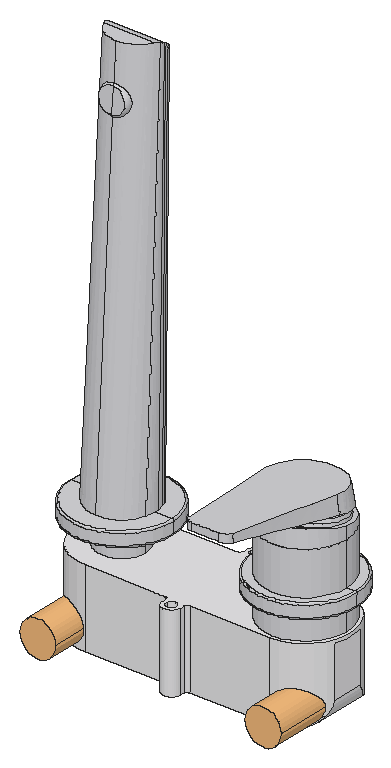
Revit family "Faucet-Wall_Mount-Lavatory-KOHLER-MODERN-K-97358T_1", category Plumbing Fixtures, host Face, Revit 2017
Family settings
  Host = Face
  Round Connector Dimension = Use Diameter
  Part Type = Normal
  OmniClass Number = 23.31.11.00
  OmniClass Title = Faucets
  Cut with Voids When Loaded = No
  Shared = No
  Room Calculation Point = No
Parameters (values of type "CP-Polished Chrome")
  Width = 6 1/4"  # constant formula
  WaterSense Certified = 1 = 0  # no
  Waste Water Outlet = "Waste Water Outlet"  # constant formula
  Waste Connection = 1 = 0  # no
  Vent Connection = 1 = 0  # no
  URL = "http://www.kohler.com.cn/en/"
  Type = 1
  Spout Reach = 8 1/4"  # constant formula
  Product Page URL = "http://www.kohler.com.cn/product/K-97358T/K-97358T-4-CP/"
  Product Name = "MODERN"  # constant formula
  Product Documentation Link = "http://files.kohler.com.cn/pdfs/ri-97358T.pdf"
  Pressure = 0.00 psi
  Model = if(Type = 1, "K-97358T-4-CP", if(Type = 2, "K-97358T-4-TT", if(Type = 3, "K-97358T-4ND-CP", if(Type = 4, "K-97358T-4ND-TT", "NA"))))  # "K-97358T-4-CP"
  Material = "Premium Metal Construction"  # constant formula
  Master Format 2014 Name = "Residential Faucets, Supplies, and Trim"  # constant formula
  Master Format 2014 = "22 41 39"  # constant formula
  Manufacturer Address = "158 Jiangchang 3rd Road Zhabei District Shanghai, 200436 China"  # constant formula
  Manufacturer = "KOHLER Co."  # constant formula
  Length = Spout Reach  # 8 1/4"
  Hot Water Inlet = "Hot Water Inlet"  # constant formula
  Height = 2 5/16"  # constant formula
  Handle Clearance = 2 3/4"  # constant formula
  HW Connection = 1 = 1  # yes
  Flow Rate = 0 GPM
  Finish = Kohler-Metal-CP-Polished_Chrome
  Environmental Product Declaration = ""
  Drain Included = if(or(Type = 1, Type = 2), 1 = 1, 1 = 0)  # yes
  Description = "Single Wall Outlet Faucet"  # constant formula
  Default Elevation = 36"
  Declare Label = ""
  Date Modified = "05/26/2020"  # constant formula
  Date Created = "05/26/2020"  # constant formula
  Copyright = "Copyright KOHLER Co."  # constant formula
  Contact Us = "http://www.kohler.com.cn/en/contact/contact-us/"
  Cold Water Inlet = "Cold Water Inlet"  # constant formula
  CW Connection = 1 = 1  # yes
  Assembly Code = "D2010"
  ADA Compliant = 1 = 0  # no
Types (5): name | Type | Product Page URL | Product Documentation Link | Model | Finish | Drain Included
  (no name) | 1 | "http://www.kohler.com.cn/product/K-97358T/K-97358T-4-CP/" | "http://files.kohler.com.cn/pdfs/ri-97358T.pdf" | "K-97358T-4-CP" | Kohler-Metal-CP-Polished_Chrome | yes
  TT-Vibrant Titanium | 2 | "http://www.kohler.com.cn/product/K-97358T/K-97358T-4-TT/" | "http://files.kohler.com.cn/pdfs/ri-97358T.pdf" | "K-97358T-4-TT" | Kohler-Metal-TT-Vibrant_Titanium | yes
  Without Drain,CP-Polished Chrome | 3 | "" | "" | "K-97358T-4ND-CP" | Kohler-Metal-CP-Polished_Chrome | no
  Without Drain,TT-Vibrant Titanium | 4 | "" | "" | "K-97358T-4ND-TT" | Kohler-Metal-TT-Vibrant_Titanium | no
  CP-Polished Chrome | 1 | "http://www.kohler.com.cn/product/K-97358T/K-97358T-4-CP/" | "http://files.kohler.com.cn/pdfs/ri-97358T.pdf" | "K-97358T-4-CP" | Kohler-Metal-CP-Polished_Chrome | yes
Reference planes (in)
  plane 1 "Center (Front/Back)": y = 0
  plane 2: z = 0
  plane 3 "Center (Left/Right)": x = 0
  plane 4: z = 8.25
  plane 5: x = -2
  plane 6: x = 2
  plane 7: y = 1.14173
  plane 8: y = -1.17077
  plane 9: x = -3.125
  plane 10: x = -0.875
  plane 11: x = 0.875
  plane 12: x = 3.125
  plane 13: y = -2.75
  plane 14: z = 9.31922
  plane 15: z = 0.31496
  plane 16: z = 2.3585
  plane 17: z = -0.53937
  plane 18: z = -2.22303
  plane 19: x = 2.43501
  plane 20: z = -1.81102
  plane 21: x = -2.45276
  plane 22: z = -2.3874
  plane 23: y = -1.7063
Forms (in)
  Extrusion 1, void
    sketch origin (0, 0, 0) x (1, 0, 0) y (0, 1, 0)
      loop
        circle (2, 0) r 1
      loop
        circle (-2, 0) r 1
    from -0.53937 to 0
  Extrusion 2, void
    sketch origin (0, 0, 0) x (1, 0, 0) y (0, 0, 1)
      loop
        line (-2.98497, -0.53937) -> (-2.98497, -2.42693) -> (3.01503, -2.42693) -> (3.01503, -0.53937) -> (-2.98497, -0.53937)
    from -1.3475 to 1.36945
  Extrusion 3, void
    sketch origin (0, 0, 0) x (1, 0, 0) y (0, 0, 1)
      loop
        circle (-2.45276, -1.81102) r 0.3937
      loop
        circle (2.44731, -1.81102) r 0.3937
    from 1.17907 to 1.7063
Dimensions and locks (in)
  "Spout Reach": level to plane 4
  "Handle Clearance": plane 13 to plane 1 "Center (Front/Back)"
  "Height": plane 7 to plane 8
  "Width": plane 9 to plane 12
  aligned and locked: plane 2 to host face
  aligned and locked: level to host face
Automatic sketch dimensions
  host sketch curve to host sketch curve = 96"  (x2)
  plane 1 "Center (Front/Back)" to Extrusion 1 sketch curve = 0"  (x2)
  Extrusion 1 sketch curve to plane 5 = 0"
  Extrusion 1 sketch curve to plane 6 = 0"
  plane 5 to Extrusion 2 sketch curve = 0.98497"
  Extrusion 2 sketch curve to plane 6 = 1.01503"
  Extrusion 2 sketch curve to level = 2.42693"
  Extrusion 2 sketch curve to level = 0.53937"
  plane 5 to Extrusion 3 sketch curve = 0.45276"
  Extrusion 3 sketch curve to plane 6 = 0.44731"
  Extrusion 3 sketch curve to level = 1.81102"  (x2)
  radius of Extrusion 1 sketch curve = 1"  (x2)
  radius of Extrusion 3 sketch curve = 0.3937"  (x2)
Nested families (in)
  nested 1: "K-97358T" at (-2, 0, 0), type "K-97358T"
Connectors (in)
  piping at (-2.45276, -1.7063, -1.81102), diameter 0.5, driven by "HW Connection", driven by "Hot Water Inlet", driven by "Flow Rate"
    settings: on nested 1, index 1, connector inside diameter 24", connector length 0", flow factor 0, pipe flow 0 GPM, pressure drop 0.00 psi, fitting loss kfactor 0, connector angle 0.00°, fixture units 0, engagement length 0", angle of deflection 0.00°, flow configuration 0, flow direction 1, fitting loss method 0, system type 19, joint type 0, gender type 0, connector reference index -1, connector utility 1, adjustable connector no, is connector primary yes, connector description "Hot Water Inlet"
  piping at (2.44731, -1.7063, -1.81102), diameter 0.5, driven by "CW Connection", driven by "Cold Water Inlet", driven by "Flow Rate"
    settings: on nested 1, index 2, connector inside diameter 24", connector length 0", flow factor 0, pipe flow 0 GPM, pressure drop 0.00 psi, fitting loss kfactor 0, connector angle 0.00°, fixture units 0, engagement length 0", angle of deflection 0.00°, flow configuration 0, flow direction 1, fitting loss method 0, system type 20, joint type 0, gender type 0, connector reference index -1, connector utility 1, adjustable connector no, is connector primary no, connector description "Cold Water Inlet"
Definition of nested family "K-97358T"
  Parameters (values of type "K-97358T")
    Valve Material = none
  Reference planes (in)
    plane 1 "Center (Front/Back)": y = 0
    plane 2: z = 0
    plane 3 "Center (Left/Right)": x = 0
    plane 4: x = -1.125
    plane 5: x = 1.125
    plane 6: x = 4
    plane 7: x = 2.875
    plane 8: x = 5.125
    plane 9: z = 8.22835
    plane 10: z = -1.81102
    plane 11: x = -0.45276
    plane 12: x = 4.43501
    plane 13: y = 1.14173
    plane 14: y = -1.14173
    plane 15: y = 1.25984
    plane 16: y = -1.7063
    plane 17: x = 2
    plane 18: y = -2.75
    plane 19: x = -0.97578
  Forms (in)
    SweptBlend 1, solid, material <- "Valve Material", detail levels medium+fine
      path origin (0, 0, -0.09843) x (0, 1, 0) y (0, 0, 1)
        loop
          line (0.39318, 0.31496) -> (0.58456, 10.81322)
      profile origin (0, 0.39318, 0.21654) x (0, -0.999834, 0.018227) y (1, 0, 0)
        loop
          line (0, 0.61393) -> (0, -0.61385)
          arc (0, -0.61385) -> (0.00798, -0.63766) -> (0.02871, -0.65184) r 0.03949
          arc (0.02871, -0.65184) -> (0.06832, -0.66352) -> (0.10768, -0.67602) r 2.01365
          arc (0.10768, -0.67602) -> (0.19207, -0.69707) -> (0.27864, -0.70561) r 0.59539
          arc (0.27864, -0.70561) -> (0.44154, -0.71142) -> (0.60151, -0.68012) r 0.71364
          arc (0.60151, -0.68012) -> (0.96137, -0.42133) -> (1.09903, 0) r 0.71364
          arc (1.09903, 0) -> (0.96137, 0.42133) -> (0.60151, 0.68012) r 0.71364
          arc (0.60151, 0.68012) -> (0.44154, 0.71142) -> (0.27864, 0.70561) r 0.71364
          arc (0.27864, 0.70561) -> (0.19207, 0.69707) -> (0.10768, 0.67602) r 0.59539
          arc (0.10768, 0.67602) -> (0.06828, 0.66351) -> (0.02864, 0.65182) r 2.01365
          arc (0.02864, 0.65182) -> (0.00796, 0.63767) -> (0, 0.61393) r 0.03939
      end profile origin (0, 0.58456, 10.71479) x (0, -0.999834, 0.018227) y (1, 0, 0)
        loop
          arc (0.0682, -0.60617) -> (0.09124, -0.60472) -> (0.11421, -0.6024) r 0.60675
          arc (0.11421, -0.6024) -> (0.1519, -0.59666) -> (0.18915, -0.58856) r 0.60675
          arc (0.18915, -0.58856) -> (0.52006, -0.37329) -> (0.64848, 0) r 0.60675
          arc (0.64848, 0) -> (0.52006, 0.37329) -> (0.18915, 0.58856) r 0.60675
          arc (0.18915, 0.58856) -> (0.17059, 0.59291) -> (0.1519, 0.59666) r 0.60675
          arc (0.1519, 0.59666) -> (0.1331, 0.59983) -> (0.11421, 0.6024) r 0.60675
          arc (0.11421, 0.6024) -> (0.09124, 0.60472) -> (0.0682, 0.60617) r 0.60675
          arc (0.0682, 0.60617) -> (0.04523, 0.59752) -> (0.03559, 0.57495) r 0.03125
          line (0.03559, 0.57495) -> (0.03559, 0) -> (0.03559, -0.57495)
          arc (0.03559, -0.57495) -> (0.04523, -0.59752) -> (0.0682, -0.60617) r 0.03125
    Revolve 2, solid, material <- "Valve Material", detail levels medium+fine
      sketch origin (0, 0, 0) x (1, 0, 0) y (0, 0, 1)
        loop
          line (0, 0.31496) -> (-1.09025, 0.31496)
          arc (-1.09025, 0.31496) -> (-1.11482, 0.30478) -> (-1.125, 0.28021) r 0.03475
          line (-1.125, 0.28021) -> (-1.125, 0.03516)
          arc (-1.125, 0.03516) -> (-1.1147, 0.0103) -> (-1.08984, 0) r 0.03516
          line (-1.08984, 0) -> (-0.94488, 0) -> (-0.94488, -0.03937) -> (-0.31231, -0.03937) -> (-0.31231, -0.19685) -> (-0.49213, -0.19685) -> (-0.51394, -0.21867) -> (-0.51394, -0.25433) -> (-0.48358, -0.27559) -> (-0.52408, -0.27559) -> (-0.52408, -0.53937) -> (0, -0.53937) -> (0, 0.31496)
        axis (0, -0.53937) -> (0, 0.31496)
      angle from 0 to 360
    Revolve 3, solid, material <- "Valve Material", detail levels medium+fine
      sketch origin (0, 0, 0) x (1, 0, 0) y (0, 0, 1)
        loop
          arc (4, 1.85893) -> (3.78638, 1.85354) -> (3.57331, 1.83726) r 4.18399
          arc (3.57331, 1.83726) -> (3.39839, 1.81096) -> (3.22674, 1.76823) r 1.86659
          arc (3.22674, 1.76823) -> (3.19289, 1.75404) -> (3.16276, 1.73308) r 0.17427
          arc (3.16276, 1.73308) -> (3.13089, 1.69288) -> (3.11592, 1.64381) r 0.13794
          arc (3.11592, 1.64381) -> (3.09988, 1.44843) -> (3.09452, 1.25246) r 3.5902
          line (3.09452, 1.25246) -> (3.09452, 0.31496) -> (2.90633, 0.31496)
          arc (2.90633, 0.31496) -> (2.88418, 0.30578) -> (2.875, 0.28363) r 0.03133
          line (2.875, 0.28363) -> (2.875, 0.03381)
          arc (2.875, 0.03381) -> (2.8849, 0.0099) -> (2.90881, 0) r 0.03381
          line (2.90881, 0) -> (3.09464, 0) -> (3.09464, -0.53937) -> (4, -0.53937) -> (4, 1.85893)
        axis (4, -0.53937) -> (4, 1.85893)
      angle from 0 to 360
    Extrusion 4, void
      sketch origin (0, 0, 0) x (0, 1, 0) y (0, 0, 1)
        loop
          line (1.21089, 1.31126) -> (1.28243, 1.71699) -> (-0.84864, 2.09275) -> (-0.92018, 1.68703) -> (1.21089, 1.31126)
      from 0 to 12
    Blend 5, solid, material <- "Valve Material", detail levels medium+fine
      base sketch origin (0, 0, 0) x (1, 0, 0) y (0, 1, 0)
        loop
          arc (4.30364, -2.75379) -> (4.43502, -2.70439) -> (4.50131, -2.58067) r 0.19944
          line (4.50131, -2.58067) -> (4.83397, -0.08241)
          arc (4.83397, -0.08241) -> (4, 0.86997) -> (3.16603, -0.08241) r 0.84133
          line (3.16603, -0.08241) -> (3.49902, -2.5832)
          arc (3.49902, -2.5832) -> (3.56439, -2.70516) -> (3.69391, -2.75385) r 0.19659
          line (3.69391, -2.75385) -> (4.30364, -2.75379)
      top sketch origin (0, 0, 0) x (1, 0, 0) y (0, 1, 0)
        loop
          line (3.70457, -2.70033) -> (4.29092, -2.70033)
          arc (4.29092, -2.70033) -> (4.40646, -2.6555) -> (4.46153, -2.54447) r 0.17131
          line (4.46153, -2.54447) -> (4.68298, -0.09856)
          arc (4.68298, -0.09856) -> (4, 0.64905) -> (3.31702, -0.09856) r 0.68577
          line (3.31702, -0.09856) -> (3.53888, -2.54896)
          arc (3.53888, -2.54896) -> (3.59236, -2.65679) -> (3.70457, -2.70033) r 0.16637
      from 1.53543 to 2.78937
    Extrusion 6, void
      sketch origin (0, 0, 0) x (0, 1, 0) y (0, 0, 1)
        loop
          arc (0.81908, 2.03021) -> (0.95281, 1.81903) -> (1.02699, 1.58033) r 0.95238
          line (1.02699, 1.58033) -> (2.23255, 1.58033) -> (2.23255, 2.97712) -> (-2.82995, 2.97712) -> (-2.82995, 2.30805)
          arc (-2.82995, 2.30805) -> (-2.80796, 2.34972) -> (-2.76295, 2.36364) r 0.06155
          line (-2.76295, 2.36364) -> (0.81908, 2.03021)
      from 0 to 12
    Extrusion 7, void
      sketch origin (0, 0, 0) x (0, 1, 0) y (0, 0, 1)
        loop
          line (-2.93599, 2.23374) -> (-2.93599, 1.46391) -> (1.06401, 1.46391) -> (1.06401, 1.52844) -> (-2.93599, 2.23374)
      from 0 to 12
    Revolve 8, solid, material <- "Valve Material", detail levels medium+fine
      sketch origin (4, 0, 0) x (0, 1, 0) y (0, 0, 1)
        loop
          line (0.03271, 1.71028) -> (0, 1.52478) -> (0.79088, 1.38532) -> (0.79088, 1.44328)
          arc (0.79088, 1.44328) -> (0.78889, 1.48298) -> (0.78292, 1.52228) r 0.39569
          arc (0.78292, 1.52228) -> (0.77567, 1.55194) -> (0.76616, 1.58096) r 0.39569
          line (0.76616, 1.58096) -> (0.03271, 1.71028)
        axis (0.03271, 1.71028) -> (0, 1.52478)
      angle from 0 to 360
    Extrusion 9, void
      sketch origin (0, 0, 0) x (0, 1, 0) y (0, 0, 1)
        loop
          arc (0.20274, 9.31287) -> (0.49131, 9.1872) -> (0.6065, 8.89429) r 0.41123
          line (0.6065, 8.89429) -> (0.6065, 11.14429) -> (-0.8935, 11.14429) -> (-0.8935, 9.33261) -> (0.20274, 9.31287)
      from -2.06618 to 12
    Extrusion 10, solid, detail levels medium+fine
      sketch origin (0, 0, 0) x (1, 0, 0) y (0, 1, 0)
        loop
          line (1.72613, 0.98425) -> (-0.00072, 0.98425)
          arc (-0.00072, 0.98425) -> (-0.98497, 0) -> (-0.00072, -0.98425) r 0.98425
          line (-0.00072, -0.98425) -> (1.72613, -0.98425)
          arc (1.72613, -0.98425) -> (1.78158, -1.00722) -> (1.80455, -1.06267) r 0.07841
          line (1.80455, -1.06267) -> (1.80455, -1.14195)
          arc (1.80455, -1.14195) -> (2, -1.3374) -> (2.19546, -1.14195) r 0.19545
          line (2.19546, -1.14195) -> (2.19546, -1.06267)
          arc (2.19546, -1.06267) -> (2.21842, -1.00722) -> (2.27387, -0.98425) r 0.07841
          line (2.27387, -0.98425) -> (4.00072, -0.98425)
          arc (4.00072, -0.98425) -> (4.98497, 0) -> (4.00072, 0.98425) r 0.98425
          line (4.00072, 0.98425) -> (2.27387, 0.98425)
          arc (2.27387, 0.98425) -> (2.21842, 1.00722) -> (2.19546, 1.06267) r 0.07841
          line (2.19546, 1.06267) -> (2.19546, 1.14045)
          arc (2.19546, 1.14045) -> (2, 1.33591) -> (1.80455, 1.14045) r 0.19545
          line (1.80455, 1.14045) -> (1.80455, 1.06267)
          arc (1.80455, 1.06267) -> (1.78158, 1.00722) -> (1.72613, 0.98425) r 0.07841
        loop
          circle (2, -1.14195) r 0.11215
        loop
          circle (2, 1.14045) r 0.11873
      from -2.84874 to -0.53937
    Extrusion 11, void
      sketch origin (0, 0, 0) x (0, 1, 0) y (0, 0, 1)
        loop
          line (-2.26611, -2.31267) -> (-2.24505, -2.91593) -> (1.50724, -2.91593) -> (1.50724, -2.12514) -> (1.00724, -2.12514)
          arc (1.00724, -2.12514) -> (0.7601, -2.3178) -> (0.45324, -2.38125) r 0.68986
          line (0.45324, -2.38125) -> (-2.26611, -2.31267)
      from -1.74273 to 12
    Extrusion 12, void
      sketch origin (0, 0, 0) x (1, 0, 0) y (0, 0, 1)
        loop
          arc (4.92175, -1.72303) -> (4.77531, -2.07658) -> (4.42175, -2.22303) r 0.5
          line (4.42175, -2.22303) -> (-0.42175, -2.22303)
          arc (-0.42175, -2.22303) -> (-0.77531, -2.07658) -> (-0.92175, -1.72303) r 0.5
          line (-0.92175, -1.72303) -> (-0.92175, -0.65748) -> (-2.76575, -0.65748) -> (-2.76575, -3.35416) -> (5.73425, -3.35416) -> (5.73425, -0.60416) -> (4.92175, -0.60416) -> (4.92175, -1.72303)
      from -2.81824 to 12
    Extrusion 13, solid
      sketch origin (0, 0, 0) x (1, 0, 0) y (0, 0, 1)
        loop
          circle (-0.45276, -1.81102) r 0.3937
        loop
          circle (4.44731, -1.81102) r 0.3937
      from 0 to 1.7063
    Extrusion 14, solid, detail levels medium+fine
      sketch origin (-4, 0, 0) x (0, 1, 0) y (0, 0, 1)
        loop
          line (1.25984, -2.3874) -> (1.25984, -1.68556)
          arc (1.25984, -1.68556) -> (1.23478, -1.62506) -> (1.17428, -1.6) r 0.08556
          line (1.17428, -1.6) -> (-0.50054, -1.6) -> (-0.50054, -2.3874) -> (1.25984, -2.3874)
      from 3.52756 to 3.92126
    Extrusion 15, solid, detail levels medium+fine
      sketch origin (0, 0, 0) x (0, 1, 0) y (0, 0, 1)
        loop
          line (1.25984, -2.3874) -> (1.25984, -1.68556)
          arc (1.25984, -1.68556) -> (1.23478, -1.62506) -> (1.17428, -1.6) r 0.08556
          line (1.17428, -1.6) -> (-0.50054, -1.6) -> (-0.50054, -2.3874) -> (1.25984, -2.3874)
      from 3.52756 to 3.92126
    Revolve 16, solid, material <- "Valve Material", detail levels medium+fine
      sketch origin (0, 0, 0) x (0, 1, 0) y (0, 0, 1)
        loop
          arc (-0.28793, 7.92912) -> (-0.22637, 7.88913) -> (-0.15365, 7.87923) r 0.16787
          line (-0.15365, 7.87923) -> (-0.12997, 8.19859) -> (-0.2672, 8.20876) -> (-0.28793, 7.92912)
        axis (-0.2672, 8.20876) -> (-0.12997, 8.19859)
      angle from 0 to 360
    Extrusion 17, solid, detail levels coarse
      sketch origin (0, 0, 0) x (1, 0, 0) y (0, 1, 0)
        loop
          line (-0.97578, 1.14173) -> (-0.97578, -1.14173) -> (4.97578, -1.14173) -> (4.97578, 1.14173) -> (-0.97578, 1.14173)
      from -2.3874 to -0.53937
    Extrusion 18, solid, material <- "Valve Material", detail levels coarse
      sketch origin (0, 0, 0) x (1, 0, 0) y (0, 1, 0)
        loop
          circle (4, 0) r 1.12543
        loop
          circle (0, 0) r 1.125
      from 0 to 0.31496
    Extrusion 19, solid, material <- "Valve Material", detail levels coarse
      sketch origin (0, 0, 0) x (1, 0, 0) y (0, 0, 1)
        loop
          arc (0.71314, 9.30264) -> (0.00006, 9.31905) -> (-0.71314, 9.30851) r 18.8753
          line (-0.71314, 9.30851) -> (-0.71314, 0.31496) -> (0.71314, 0.31496) -> (0.71314, 9.30264)
      from -0.50311 to 0.67888
    Extrusion 20, solid, material <- "Valve Material", detail levels coarse
      sketch origin (0, 0, 0) x (1, 0, 0) y (0, 1, 0)
        loop
          circle (4, 0) r 0.98425
      from 0.31496 to 1.88841
    Extrusion 21, solid, material <- "Valve Material", detail levels coarse
      sketch origin (0, 0, 0) x (0, 1, 0) y (0, 0, 1)
        loop
          line (-2.71867, 2.35952) -> (-2.71867, 2.19543) -> (0.98425, 1.5425) -> (0.98425, 2.01484) -> (-2.71867, 2.35952)
      from 3.01544 to 4.97578
    Extrusion 22, solid, material <- "Valve Material", detail levels coarse
      sketch origin (0, 0, 0) x (1, 0, 0) y (0, 1, 0)
        loop
          circle (4, 0) r 0.90536
        loop
          circle (0, 0) r 0.52408
      from -0.53937 to 0
  Cuts and joins
    Extrusion 9 cuts SweptBlend 1
    Extrusion 4 cuts Revolve 3
    Extrusion 6, Extrusion 7 cuts Blend 5
    joined: SweptBlend 1, Revolve 2, Revolve 3, Blend 5, Revolve 8, Revolve 16
    Extrusion 11, Extrusion 12 cuts Extrusion 10
  Lines and regions (in)
    Masking region 1
      outline origin (0, 0, 0) x (0, 1, 0) y (0, 0, 1)
        loop
          line (0.90241, 0.31496) -> (0.90241, 1.36566) -> (0.78556, 1.38626)
          arc (0.78556, 1.38626) -> (0.78983, 1.485) -> (0.76616, 1.58096) r 0.34786
          line (0.76616, 1.58096) -> (0.86168, 1.56411) -> (0.78739, 2.03316) -> (0.42937, 2.06649) -> (0.52569, 9.1466)
          arc (0.52569, 9.1466) -> (0.38357, 9.26732) -> (0.20274, 9.31287) r 0.41123
          line (0.20274, 9.31287) -> (-0.14993, 9.31922) -> (-0.19923, 8.51351) -> (-0.24647, 8.4884) -> (-0.28793, 7.92912) -> (-0.23716, 7.89357) -> (-0.58178, 2.16061) -> (-2.71867, 2.35952) -> (-2.75673, 2.20214) -> (-0.69952, 1.83939)
          arc (-0.69952, 1.83939) -> (-0.76311, 1.76115) -> (-0.79088, 1.66423) r 0.25162
          line (-0.79088, 1.66423) -> (-0.87539, 1.67913)
          arc (-0.87539, 1.67913) -> (-0.88109, 1.6509) -> (-0.88539, 1.62242) r 0.58365
          arc (-0.88539, 1.62242) -> (-0.90057, 1.46113) -> (-0.90564, 1.29921) r 2.58873
          line (-0.90564, 1.29921) -> (-0.90564, 0.31496) -> (-1.09287, 0.31496)
          arc (-1.09287, 0.31496) -> (-1.11546, 0.3056) -> (-1.12482, 0.28302) r 0.03194
          line (-1.12482, 0.28302) -> (-1.12482, 0.03501)
          arc (-1.12482, 0.03501) -> (-1.11456, 0.01025) -> (-1.08981, 0) r 0.03501
          line (-1.08981, 0) -> (1.08981, 0)
          arc (1.08981, 0) -> (1.11456, 0.01025) -> (1.12482, 0.03501) r 0.03501
          line (1.12482, 0.03501) -> (1.12482, 0.28302)
          arc (1.12482, 0.28302) -> (1.11546, 0.3056) -> (1.09287, 0.31496) r 0.03194
          line (1.09287, 0.31496) -> (0.90241, 0.31496)
    Masking region 2
      outline origin (0, 0, 0) x (0, 1, 0) y (0, 0, 1)
        loop
          line (0.90536, -0.03937) -> (0.94488, -0.03937) -> (0.94488, 0) -> (-0.94488, 0) -> (-0.94488, -0.03937) -> (-0.90536, -0.03937) -> (-0.90536, -0.53937) -> (-1.3374, -0.53937) -> (-1.3374, -1.41732) -> (-1.7063, -1.41732) -> (-1.7063, -2.20472) -> (-1.40572, -2.20472) -> (-1.3374, -2.22303) -> (-0.50054, -2.22303) -> (-0.50054, -2.3874) -> (1.25984, -2.3874) -> (1.25984, -2.12514) -> (1.33591, -2.12514) -> (1.33591, -0.53937) -> (0.90536, -0.53937) -> (0.90536, -0.03937)
    Masking region 3
      outline origin (0, 0, 0) x (1, 0, 0) y (0, 0, 1)
        loop
          line (0.71314, 0.31496) -> (0.6135, 9.24533)
          spline (0.6135, 9.24533) -> (0.61347, 9.24705) -> (0.61342, 9.24876) -> (0.61335, 9.25045) -> (0.61326, 9.25211) -> (0.61314, 9.25375) -> (0.613, 9.25538) -> (0.61285, 9.25698) -> (0.61267, 9.25856) -> (0.61247, 9.26012) -> (0.61225, 9.26165) -> (0.612, 9.26317) -> (0.61174, 9.26466)
          spline (0.61174, 9.26466) -> (0.61173, 9.26782) -> (0.61156, 9.27088) -> (0.61122, 9.27384) -> (0.61073, 9.2767) -> (0.61007, 9.27945) -> (0.60925, 9.28209) -> (0.60827, 9.28462) -> (0.60712, 9.28704) -> (0.60582, 9.28935) -> (0.60437, 9.29154) -> (0.60275, 9.29361) -> (0.60098, 9.29557)
          spline (0.60098, 9.29557) -> (0.59846, 9.29818) -> (0.59578, 9.30058) -> (0.59292, 9.30278) -> (0.5899, 9.30476) -> (0.58671, 9.30653) -> (0.58336, 9.30809) -> (0.57985, 9.30943) -> (0.57618, 9.31055) -> (0.57236, 9.31146) -> (0.56839, 9.31214) -> (0.56426, 9.31261) -> (0.55999, 9.31287)
          spline (0.55999, 9.31287) -> (0.53245, 9.31379) -> (0.50024, 9.31466) -> (0.46364, 9.31547) -> (0.42298, 9.31622) -> (0.37861, 9.3169) -> (0.33091, 9.3175) -> (0.28031, 9.31801) -> (0.22726, 9.31844) -> (0.17221, 9.31878) -> (0.11565, 9.31902) -> (0.05807, 9.31917) -> (0.00001, 9.31922)
          spline (0.00001, 9.31922) -> (-0.05807, 9.31917) -> (-0.11565, 9.31902) -> (-0.17221, 9.31878) -> (-0.22726, 9.31844) -> (-0.28031, 9.31801) -> (-0.33091, 9.3175) -> (-0.37861, 9.3169) -> (-0.42298, 9.31622) -> (-0.46364, 9.31547) -> (-0.50024, 9.31466) -> (-0.53245, 9.31379) -> (-0.55999, 9.31287)
          spline (-0.55999, 9.31287) -> (-0.56426, 9.31261) -> (-0.56839, 9.31214) -> (-0.57236, 9.31146) -> (-0.57618, 9.31055) -> (-0.57985, 9.30943) -> (-0.58336, 9.30809) -> (-0.58671, 9.30653) -> (-0.5899, 9.30476) -> (-0.59292, 9.30278) -> (-0.59578, 9.30058) -> (-0.59846, 9.29818) -> (-0.60098, 9.29557)
          spline (-0.60098, 9.29557) -> (-0.60275, 9.29361) -> (-0.60437, 9.29154) -> (-0.60582, 9.28935) -> (-0.60712, 9.28704) -> (-0.60827, 9.28462) -> (-0.60925, 9.28209) -> (-0.61007, 9.27945) -> (-0.61073, 9.2767) -> (-0.61122, 9.27384) -> (-0.61156, 9.27088) -> (-0.61173, 9.26782) -> (-0.61174, 9.26466)
          spline (-0.61174, 9.26466) -> (-0.612, 9.26317) -> (-0.61225, 9.26165) -> (-0.61247, 9.26012) -> (-0.61267, 9.25856) -> (-0.61285, 9.25698) -> (-0.613, 9.25538) -> (-0.61314, 9.25375) -> (-0.61326, 9.25211) -> (-0.61335, 9.25045) -> (-0.61342, 9.24876) -> (-0.61347, 9.24705) -> (-0.6143, 9.24533)
          line (-0.6143, 9.24533) -> (-0.71314, 0.31496) -> (-1.09224, 0.31496)
          arc (-1.09224, 0.31496) -> (-1.11541, 0.30537) -> (-1.125, 0.2822) r 0.03276
          line (-1.125, 0.2822) -> (-1.125, 0.03704)
          arc (-1.125, 0.03704) -> (-1.11415, 0.01085) -> (-1.08796, 0) r 0.03704
          line (-1.08796, 0) -> (1.08796, 0)
          arc (1.08796, 0) -> (1.11415, 0.01085) -> (1.125, 0.03704) r 0.03704
          line (1.125, 0.03704) -> (1.125, 0.2822)
          arc (1.125, 0.2822) -> (1.11541, 0.30537) -> (1.09224, 0.31496) r 0.03276
          line (1.09224, 0.31496) -> (0.71314, 0.31496)
        loop
          line (4.29765, 2.35951) -> (3.69855, 2.35952)
          spline (3.69855, 2.35952) -> (3.67722, 2.35937) -> (3.65623, 2.35898) -> (3.6359, 2.35836) -> (3.61651, 2.35753) -> (3.59836, 2.35648) -> (3.5817, 2.35523) -> (3.56678, 2.35381) -> (3.55381, 2.35223) -> (3.54298, 2.35052) -> (3.53446, 2.3487) -> (3.52836, 2.3468) -> (3.52477, 2.34485)
          spline (3.52477, 2.34485) -> (3.5021, 2.32564) -> (3.47917, 2.30642) -> (3.45598, 2.28721) -> (3.43252, 2.26799) -> (3.40879, 2.24879) -> (3.3848, 2.22958) -> (3.36054, 2.21038) -> (3.33601, 2.19118) -> (3.31122, 2.17198) -> (3.28616, 2.15278) -> (3.26083, 2.13359) -> (3.23524, 2.1144)
          spline (3.23524, 2.1144) -> (3.23473, 2.11328) -> (3.23394, 2.11262) -> (3.23322, 2.11195) -> (3.23256, 2.11129) -> (3.23198, 2.11062) -> (3.23146, 2.10996) -> (3.23101, 2.10929) -> (3.23062, 2.10862) -> (3.2303, 2.10796) -> (3.23005, 2.10729) -> (3.22987, 2.10662) -> (3.22975, 2.10595)
          line (3.22975, 2.10595) -> (3.18036, 1.70644)
          spline (3.18036, 1.70644) -> (3.18069, 1.70235) -> (3.18171, 1.69826) -> (3.1834, 1.69418) -> (3.18577, 1.69011) -> (3.18881, 1.68605) -> (3.19252, 1.68201) -> (3.1969, 1.67799) -> (3.20195, 1.67399) -> (3.20765, 1.67002) -> (3.21401, 1.66608) -> (3.22102, 1.66217) -> (3.22867, 1.6583)
          arc (3.22867, 1.6583) -> (3.21698, 1.62753) -> (3.20783, 1.59592) r 0.40492
          spline (3.20783, 1.59592) -> (3.19353, 1.59094) -> (3.18024, 1.58588) -> (3.16799, 1.58074) -> (3.15679, 1.57553) -> (3.14666, 1.57025) -> (3.1376, 1.56492) -> (3.12963, 1.55953) -> (3.12275, 1.5541) -> (3.11698, 1.54862) -> (3.11232, 1.54312) -> (3.10879, 1.53759) -> (3.10637, 1.53205)
          arc (3.10637, 1.53205) -> (3.09749, 1.26979) -> (3.09452, 1.0074) r 11.62233
          line (3.09452, 1.0074) -> (3.09452, 0.31496) -> (2.90776, 0.31496)
          arc (2.90776, 0.31496) -> (2.8846, 0.30537) -> (2.875, 0.2822) r 0.03276
          line (2.875, 0.2822) -> (2.875, 0.03704)
          arc (2.875, 0.03704) -> (2.88585, 0.01085) -> (2.91204, 0) r 0.03704
          line (2.91204, 0) -> (5.08796, 0)
          arc (5.08796, 0) -> (5.11415, 0.01085) -> (5.125, 0.03704) r 0.03704
          line (5.125, 0.03704) -> (5.125, 0.2822)
          arc (5.125, 0.2822) -> (5.1154, 0.30537) -> (5.09224, 0.31496) r 0.03276
          line (5.09224, 0.31496) -> (4.90548, 0.31496) -> (4.90548, 1.0074)
          arc (4.90548, 1.0074) -> (4.90251, 1.26979) -> (4.89363, 1.53205) r 11.62233
          spline (4.89363, 1.53205) -> (4.89121, 1.53759) -> (4.88768, 1.54312) -> (4.88302, 1.54862) -> (4.87725, 1.5541) -> (4.87037, 1.55953) -> (4.8624, 1.56492) -> (4.85334, 1.57025) -> (4.84321, 1.57553) -> (4.83201, 1.58074) -> (4.81976, 1.58588) -> (4.80647, 1.59094) -> (4.79217, 1.59592)
          arc (4.79217, 1.59592) -> (4.78302, 1.62753) -> (4.77133, 1.6583) r 0.40492
          spline (4.77133, 1.6583) -> (4.77898, 1.66217) -> (4.78599, 1.66608) -> (4.79235, 1.67002) -> (4.79805, 1.67399) -> (4.8031, 1.67799) -> (4.80748, 1.68201) -> (4.81119, 1.68605) -> (4.81423, 1.69011) -> (4.8166, 1.69418) -> (4.81829, 1.69826) -> (4.81931, 1.70235) -> (4.81964, 1.70644)
          line (4.81964, 1.70644) -> (4.77059, 2.106)
          spline (4.77059, 2.106) -> (4.77013, 2.10662) -> (4.76995, 2.10729) -> (4.7697, 2.10796) -> (4.76938, 2.10862) -> (4.76899, 2.10929) -> (4.76854, 2.10996) -> (4.76802, 2.11062) -> (4.76744, 2.11129) -> (4.76678, 2.11195) -> (4.76606, 2.11262) -> (4.76527, 2.11328) -> (4.76442, 2.11395)
          spline (4.76442, 2.11395) -> (4.7392, 2.13356) -> (4.71391, 2.15273) -> (4.68889, 2.17189) -> (4.66413, 2.19106) -> (4.63964, 2.21023) -> (4.61541, 2.2294) -> (4.59145, 2.24858) -> (4.56776, 2.26776) -> (4.54433, 2.28694) -> (4.52116, 2.30613) -> (4.49826, 2.32532) -> (4.47563, 2.34451)
          spline (4.47563, 2.34451) -> (4.47195, 2.3465) -> (4.4657, 2.34845) -> (4.45697, 2.35031) -> (4.44588, 2.35206) -> (4.4326, 2.35367) -> (4.41732, 2.35513) -> (4.40026, 2.3564) -> (4.38166, 2.35748) -> (4.36181, 2.35834) -> (4.34099, 2.35897) -> (4.3195, 2.35936) -> (4.29765, 2.35951)
    Masking region 4, detail levels medium+fine
      outline origin (0, 0, 0) x (1, 0, 0) y (0, 0, 1)
        loop
          line (4.98497, -0.53937) -> (4.90536, -0.53937) -> (4.90536, 0) -> (3.09464, 0) -> (3.09464, -0.53937) -> (0.52408, -0.53937) -> (0.52408, -0.27559) -> (0.48358, -0.27559) -> (0.51394, -0.25433) -> (0.51394, -0.21867) -> (0.49213, -0.19685) -> (0.31231, -0.19685) -> (0.31231, -0.03937) -> (0.94488, -0.03937) -> (0.94488, 0) -> (-0.94488, 0) -> (-0.94488, -0.03937) -> (-0.31231, -0.03937) -> (-0.31231, -0.19685) -> (-0.49213, -0.19685) -> (-0.51394, -0.21867) -> (-0.51394, -0.25433) -> (-0.48358, -0.27559) -> (-0.52408, -0.27559) -> (-0.52408, -0.53937) -> (-0.98497, -0.53937) -> (-0.98497, -0.65748) -> (-0.92175, -0.65748) -> (-0.92175, -1.72303)
          arc (-0.92175, -1.72303) -> (-0.79279, -2.05818) -> (-0.47244, -2.22046) r 0.5
          line (-0.47244, -2.22046) -> (-0.47244, -2.3874) -> (-0.07874, -2.3874) -> (-0.07874, -2.22303) -> (3.52756, -2.22303) -> (3.52756, -2.3874) -> (3.92126, -2.3874) -> (3.92126, -2.22303) -> (4.42175, -2.22303)
          arc (4.42175, -2.22303) -> (4.77531, -2.07658) -> (4.92175, -1.72303) r 0.5
          line (4.92175, -1.72303) -> (4.92175, -0.60416) -> (4.98497, -0.60416) -> (4.98497, -0.53937)
    Masking region 5
      outline origin (0, 0, 0) x (1, 0, 0) y (0, 1, 0)
        loop
          arc (4.69623, -0.88423) -> (4, 1.12543) -> (3.30377, -0.88423) r 1.12543
          spline (3.30377, -0.88423) -> (3.32334, -1.02682) -> (3.34267, -1.16945) -> (3.36176, -1.3121) -> (3.38062, -1.45479) -> (3.39923, -1.59751) -> (3.41761, -1.74026) -> (3.43574, -1.88304) -> (3.45364, -2.02584) -> (3.4713, -2.16868) -> (3.48872, -2.31154) -> (3.50591, -2.45443) -> (3.52285, -2.59735)
          arc (3.52285, -2.59735) -> (3.58871, -2.70696) -> (3.70913, -2.75) r 0.18999
          line (3.70913, -2.75) -> (4.29087, -2.75)
          arc (4.29087, -2.75) -> (4.41129, -2.70696) -> (4.47715, -2.59735) r 0.18999
          spline (4.47715, -2.59735) -> (4.49409, -2.45443) -> (4.51128, -2.31154) -> (4.5287, -2.16868) -> (4.54636, -2.02584) -> (4.56426, -1.88304) -> (4.58239, -1.74026) -> (4.60077, -1.59751) -> (4.61938, -1.45479) -> (4.63824, -1.3121) -> (4.65733, -1.16945) -> (4.67666, -1.02682) -> (4.69623, -0.88423)
        loop
          circle (0, 0) r 1.125
    symbolic lines, detail levels medium+fine
      curve 1: line (0, 0.90241, 0.31496) -> (0, -0.90564, 0.31496)
      curve 2: line (0, 0.42937, 2.06649) -> (0, 0.39471, 0.31496)
      curve 3: line (0, -0.58178, 2.16061) -> (0, -0.70089, 0.31496)
      curve 4: line (0, -0.70074, 1.83961) -> (0, -0.6036, 1.82248)
      curve 5: line (0, -0.79088, 1.66423) -> (0, -0.6158, 1.63336)
      curve 6: line (0, 0.78556, 1.38626) -> (0, 0.4172, 1.45121)
      curve 7: line (0, 0.76616, 1.58096) -> (0, 0.42097, 1.64182)
      curve 8: line (0, -0.49213, -0.19685) -> (0, 0.49213, -0.19685)
      curve 9: line (0, 0.51394, -0.21867) -> (0, 0.51394, -0.25433)
      curve 10: line (0, 0.51394, -0.25433) -> (0, 0.48358, -0.27559)
      curve 11: line (0, 0.48358, -0.27559) -> (0, 0.52408, -0.27559)
      curve 12: line (0, 0.52408, -0.27559) -> (0, 0.52408, -0.53937)
      curve 13: line (0, 0.31231, -0.03937) -> (0, 0.31231, -0.19685)
      curve 14: line (0, -0.90536, -0.03937) -> (0, 0.90536, -0.03937)
      curve 15: line (0, 0.51394, -0.21867) -> (0, 0.49213, -0.19685)
      curve 16: line (0, -0.51394, -0.21867) -> (0, -0.51394, -0.25433)
      curve 17: line (0, -0.51394, -0.25433) -> (0, -0.48358, -0.27559)
      curve 18: line (0, -0.48358, -0.27559) -> (0, -0.52408, -0.27559)
      curve 19: line (0, -0.52408, -0.27559) -> (0, -0.52408, -0.53937)
      curve 20: line (0, -0.51394, -0.21867) -> (0, -0.49213, -0.19685)
      curve 21: line (0, -0.31231, -0.03937) -> (0, -0.31231, -0.19685)
      curve 22: line (0, 0.90536, -0.53937) -> (0, -0.90564, -0.53937)
      curve 23: line (0, 0.48358, -0.27559) -> (0, -0.48358, -0.27559)
      curve 24: line (0, 0.51394, -0.21867) -> (0, -0.51394, -0.21867)
      curve 25: line (0, 0.51394, -0.25433) -> (0, -0.51394, -0.25433)
      curve 26: line (0, -1.40572, -2.20472) -> (0, 0.48357, -2.20472)
      curve 27: line (0, 1.25984, -1.81102) -> (0, 1.25984, -2.12514)
      curve 28: line (0, 1.25984, -1.81102) -> (0, 1.25984, -0.53937)
      curve 29: line (0, 1.33591, -1.81102) -> (0, 1.12617, -1.81102)
      curve 30: arc (0, 0.48357, -2.20472) -> (0, 0.75754, -2.12747) -> (0, 0.95079, -1.91847) r 0.52442
      curve 31: arc (0, 1.12617, -1.81102) -> (0, 1.02333, -1.84002) -> (0, 0.95079, -1.91847) r 0.19685
      curve 32: line (0, 1.12617, -1.81102) -> (0, 1.12617, -0.53937)
      curve 33: line (0, -1.3374, -1.41732) -> (0, -0.90564, -1.41732)
      curve 34: line (0, -0.90564, -1.41732) -> (0, -0.90564, -0.53937)
      curve 35: line (0, -0.72093, -0.53937) -> (0, -0.72093, -1.12992)
      curve 36: arc (0, -0.72093, -1.12992) -> (0, -0.77109, -1.30074) -> (0, -0.90564, -1.41732) r 0.31595
      curve 37: spline (3.23679, 0, 2.11481) -> (3.2382, 0, 2.09457) -> (3.30082, 0, 2.07518) -> (3.41962, 0, 2.0582) -> (3.58506, 0, 2.04499) -> (3.78385, 0, 2.03662) -> (4, 0, 2.03375) -> (4.21615, 0, 2.03662) -> (4.41494, 0, 2.04499) -> (4.58038, 0, 2.0582) -> (4.69918, 0, 2.07518) -> (4.7618, 0, 2.09457) -> (4.76321, 0, 2.11481)
      curve 38: spline (4.77133, 0, 1.6583) -> (4.69905, 0, 1.63213) -> (4.59769, 0, 1.60905) -> (4.47147, 0, 1.59002) -> (4.32565, 0, 1.57583) -> (4.16628, 0, 1.56707) -> (4, 0, 1.56411) -> (3.83372, 0, 1.56707) -> (3.67435, 0, 1.57583) -> (3.52853, 0, 1.59002) -> (3.40231, 0, 1.60905) -> (3.30095, 0, 1.63213) -> (3.22867, 0, 1.6583)
      curve 39: spline (3.19692, 0, 1.52478) -> (3.22428, 0, 1.48868) -> (3.30451, 0, 1.45505) -> (3.43213, 0, 1.42617) -> (3.59846, 0, 1.40401) -> (3.79215, 0, 1.39008) -> (4, 0, 1.38532) -> (4.20785, 0, 1.39008) -> (4.40154, 0, 1.40401) -> (4.56787, 0, 1.42617) -> (4.69549, 0, 1.45505) -> (4.77572, 0, 1.48868) -> (4.80308, 0, 1.52478)
      curve 40: spline (3.10604, 0, 1.52477) -> (3.13166, 0, 1.48384) -> (3.21832, 0, 1.44552) -> (3.35993, 0, 1.4125) -> (3.54653, 0, 1.38711) -> (3.765, 0, 1.37112) -> (4, 0, 1.36566) -> (4.235, 0, 1.37112) -> (4.45347, 0, 1.38711) -> (4.64007, 0, 1.4125) -> (4.78168, 0, 1.44552) -> (4.86834, 0, 1.48384) -> (4.89396, 0, 1.52477)
      curve 41: arc (4.79217, 0, 1.59592) -> (4.7989, 0, 1.56054) -> (4.80308, 0, 1.52478) r 0.50503
      curve 42: arc (3.20783, 0, 1.59592) -> (3.2011, 0, 1.56054) -> (3.19692, 0, 1.52478) r 0.50503
      curve 43: line (4.90548, 0, 0.31496) -> (3.09452, 0, 0.31496)
      curve 44: line (0.71314, 0, 0.31496) -> (-0.71314, 0, 0.31496)
      curve 45: line (0.51394, 0, -0.21867) -> (-0.51394, 0, -0.21867)
      curve 46: line (0.51394, 0, -0.25433) -> (-0.51394, 0, -0.25433)
      curve 47: line (-0.48358, 0, -0.27559) -> (0.48358, 0, -0.27559)
      curve 48: line (-0.49213, 0, -0.19685) -> (0.49213, 0, -0.19685)
      curve 49: line (-0.31231, 0, -0.03937) -> (0.31231, 0, -0.03937)
      curve 50: line (-0.52408, 0, -0.53937) -> (0.52408, 0, -0.53937)
      curve 51: line (2.19546, 0, -0.53937) -> (2.19546, 0, -2.22303)
      curve 52: line (1.80455, 0, -0.53937) -> (1.80455, 0, -2.22303)
      curve 53: line (3.92126, 0, -1.6) -> (3.52756, 0, -1.6)
      curve 54: line (3.92126, 0, -2.22303) -> (3.92126, 0, -1.6)
      curve 55: line (3.52756, 0, -1.6) -> (3.52756, 0, -2.22303)
      curve 56: line (-0.47244, 0, -1.6) -> (-0.07874, 0, -1.6)
      curve 57: line (-0.47244, 0, -2.22303) -> (-0.47244, 0, -1.6)
      curve 58: line (-0.07874, 0, -1.6) -> (-0.07874, 0, -2.22303)
      curve 59: line (3.09464, 0, -0.53937) -> (4.90536, 0, -0.53937)
      curve 60: arc (0, -0.70089, 0) -> (0.41363, -0.56846, 0) -> (0.67361, -0.22056, 0) r 0.71275
      curve 61: arc (0.67361, -0.22056, 0) -> (0.70181, -0.11182, 0) -> (0.7125, 0, 0) r 0.70981
      curve 62: arc (0.7125, 0, 0) -> (0.71101, 0.05887, 0) -> (0.70464, 0.11741, 0) r 0.70943
      curve 63: arc (0.70464, 0.11741, 0) -> (0.6962, 0.20338, 0) -> (0.67534, 0.28722, 0) r 0.59244
      curve 64: line (0.67534, 0.28722, 0) -> (0.61259, 0.49942, 0)
      curve 65: line (0, 0.52569, 0) -> (0.58378, 0.52569, 0)
      curve 66: spline (0.61259, 0.49942, 0) -> (0.61229, 0.50244, 0) -> (0.61154, 0.5054, 0) -> (0.61038, 0.50826, 0) -> (0.60879, 0.511, 0) -> (0.60681, 0.5136, 0) -> (0.60444, 0.51602, 0) -> (0.60172, 0.51824, 0) -> (0.59867, 0.52024, 0) -> (0.59531, 0.522, 0) -> (0.59169, 0.52351, 0) -> (0.58783, 0.52474, 0) -> (0.58378, 0.52569, 0)
      curve 67: spline (-0.00001, -0.14993, 0) -> (0.05809, -0.14721, 0) -> (0.11568, -0.13906, 0) -> (0.17226, -0.12556, 0) -> (0.22732, -0.10683, 0) -> (0.28039, -0.08303, 0) -> (0.33099, -0.05436, 0) -> (0.3787, -0.02109, 0) -> (0.42308, 0.0165, 0) -> (0.46374, 0.05808, 0) -> (0.50034, 0.10328, 0) -> (0.53255, 0.1517, 0) -> (0.56008, 0.20293, 0)
      curve 68: spline (0.56008, 0.20293, 0) -> (0.56434, 0.21195, 0) -> (0.56845, 0.22103, 0) -> (0.57242, 0.23016, 0) -> (0.57623, 0.23933, 0) -> (0.57989, 0.24855, 0) -> (0.58339, 0.25779, 0) -> (0.58674, 0.26707, 0) -> (0.58992, 0.27636, 0) -> (0.59294, 0.28566, 0) -> (0.59579, 0.29497, 0) -> (0.59847, 0.30427, 0) -> (0.60098, 0.31357, 0)
      curve 69: spline (0.61283, 0.44417, 0) -> (0.61295, 0.44913, 0) -> (0.61304, 0.45404, 0) -> (0.6131, 0.45888, 0) -> (0.61314, 0.46367, 0) -> (0.61316, 0.46839, 0) -> (0.61316, 0.47304, 0) -> (0.61313, 0.47764, 0) -> (0.61308, 0.48217, 0) -> (0.61301, 0.48663, 0) -> (0.61291, 0.49102, 0) -> (0.61279, 0.49534, 0) -> (0.61265, 0.4996, 0)
      curve 70: spline (0.61174, 0.38865, 0) -> (0.61219, 0.39348, 0) -> (0.61257, 0.39827, 0) -> (0.61288, 0.40303, 0) -> (0.61314, 0.40776, 0) -> (0.61332, 0.41245, 0) -> (0.61345, 0.41711, 0) -> (0.61351, 0.42172, 0) -> (0.6135, 0.4263, 0) -> (0.61343, 0.43083, 0) -> (0.6133, 0.43532, 0) -> (0.6131, 0.43977, 0) -> (0.61283, 0.44417, 0)
      curve 71: arc (0.60098, 0.31357, 0) -> (0.60849, 0.35081, 0) -> (0.61174, 0.38865, 0) r 0.33614
      curve 72: arc (0, -0.70089, 0) -> (-0.41363, -0.56846, 0) -> (-0.67361, -0.22056, 0) r 0.71275
      curve 73: arc (-0.67361, -0.22056, 0) -> (-0.70181, -0.11182, 0) -> (-0.7125, 0, 0) r 0.70981
      curve 74: arc (-0.7125, 0, 0) -> (-0.71101, 0.05887, 0) -> (-0.70464, 0.11741, 0) r 0.70943
      curve 75: arc (-0.70464, 0.11741, 0) -> (-0.6962, 0.20338, 0) -> (-0.67534, 0.28722, 0) r 0.59244
      curve 76: line (-0.67534, 0.28722, 0) -> (-0.61259, 0.49942, 0)
      curve 77: line (0, 0.52569, 0) -> (-0.58378, 0.52569, 0)
      curve 78: spline (-0.61259, 0.49942, 0) -> (-0.61229, 0.50244, 0) -> (-0.61154, 0.5054, 0) -> (-0.61038, 0.50826, 0) -> (-0.60879, 0.511, 0) -> (-0.60681, 0.5136, 0) -> (-0.60444, 0.51602, 0) -> (-0.60172, 0.51824, 0) -> (-0.59867, 0.52024, 0) -> (-0.59531, 0.522, 0) -> (-0.59169, 0.52351, 0) -> (-0.58783, 0.52474, 0) -> (-0.58378, 0.52569, 0)
      curve 79: spline (0.00001, -0.14993, 0) -> (-0.05809, -0.14721, 0) -> (-0.11568, -0.13906, 0) -> (-0.17226, -0.12556, 0) -> (-0.22732, -0.10683, 0) -> (-0.28039, -0.08303, 0) -> (-0.33099, -0.05436, 0) -> (-0.3787, -0.02109, 0) -> (-0.42308, 0.0165, 0) -> (-0.46374, 0.05808, 0) -> (-0.50034, 0.10328, 0) -> (-0.53255, 0.1517, 0) -> (-0.56008, 0.20293, 0)
      curve 80: spline (-0.56008, 0.20293, 0) -> (-0.56434, 0.21195, 0) -> (-0.56845, 0.22103, 0) -> (-0.57242, 0.23016, 0) -> (-0.57623, 0.23933, 0) -> (-0.57989, 0.24855, 0) -> (-0.58339, 0.25779, 0) -> (-0.58674, 0.26707, 0) -> (-0.58992, 0.27636, 0) -> (-0.59294, 0.28566, 0) -> (-0.59579, 0.29497, 0) -> (-0.59847, 0.30427, 0) -> (-0.60098, 0.31357, 0)
      curve 81: spline (-0.61283, 0.44417, 0) -> (-0.61295, 0.44913, 0) -> (-0.61304, 0.45404, 0) -> (-0.6131, 0.45888, 0) -> (-0.61314, 0.46367, 0) -> (-0.61316, 0.46839, 0) -> (-0.61316, 0.47304, 0) -> (-0.61313, 0.47764, 0) -> (-0.61308, 0.48217, 0) -> (-0.61301, 0.48663, 0) -> (-0.61291, 0.49102, 0) -> (-0.61279, 0.49534, 0) -> (-0.61265, 0.4996, 0)
      curve 82: spline (-0.61174, 0.38865, 0) -> (-0.61219, 0.39348, 0) -> (-0.61257, 0.39827, 0) -> (-0.61288, 0.40303, 0) -> (-0.61314, 0.40776, 0) -> (-0.61332, 0.41245, 0) -> (-0.61345, 0.41711, 0) -> (-0.61351, 0.42172, 0) -> (-0.6135, 0.4263, 0) -> (-0.61343, 0.43083, 0) -> (-0.6133, 0.43532, 0) -> (-0.6131, 0.43977, 0) -> (-0.61283, 0.44417, 0)
      curve 83: arc (-0.60098, 0.31357, 0) -> (-0.60849, 0.35081, 0) -> (-0.61174, 0.38865, 0) r 0.33614
      curve 84: spline (0, -0.28793, 0) -> (0.07258, -0.28722, 0) -> (0.1402, -0.28515, 0) -> (0.19828, -0.28185, 0) -> (0.24284, -0.27756, 0) -> (0.27085, -0.27256, 0) -> (0.28041, -0.2672, 0) -> (0.27085, -0.26183, 0) -> (0.24284, -0.25683, 0) -> (0.19828, -0.25254, 0) -> (0.1402, -0.24924, 0) -> (0.07258, -0.24717, 0) -> (0, -0.24647, 0)
      curve 85: spline (0, -0.24647, 0) -> (-0.07258, -0.24717, 0) -> (-0.1402, -0.24924, 0) -> (-0.19828, -0.25254, 0) -> (-0.24284, -0.25683, 0) -> (-0.27085, -0.26183, 0) -> (-0.28041, -0.2672, 0) -> (-0.27085, -0.27256, 0) -> (-0.24284, -0.27756, 0) -> (-0.19828, -0.28185, 0) -> (-0.1402, -0.28515, 0) -> (-0.07258, -0.28722, 0) -> (0, -0.28793, 0)
      curve 86: arc (0.3228, -0.16595, 0) -> (0.31174, -0.22082, 0) -> (0.28041, -0.2672, 0) r 0.14255
      curve 87: arc (-0.32302, -0.16584, 0) -> (-0.31135, -0.22057, 0) -> (-0.28041, -0.2672, 0) r 0.14971
      curve 88: arc (3.25123, -0.50915, 0) -> (4, 0.90548, 0) -> (4.74877, -0.50915, 0) r 0.90548
      curve 89: spline (3.23559, -0.08051, 0) -> (3.23939, 0.13534, 0) -> (3.30345, 0.34159, 0) -> (3.4227, 0.52189, 0) -> (3.58769, 0.66195, 0) -> (3.78534, 0.7507, 0) -> (4, 0.78108, 0) -> (4.21466, 0.7507, 0) -> (4.41231, 0.66195, 0) -> (4.5773, 0.52189, 0) -> (4.69655, 0.34159, 0) -> (4.76061, 0.13534, 0) -> (4.76441, -0.08051, 0)
      curve 90: spline (4.80742, -0.08442, 0) -> (4.81398, 0.14925, 0) -> (4.75227, 0.37498, 0) -> (4.62747, 0.57383, 0) -> (4.45005, 0.72912, 0) -> (4.23488, 0.82783, 0) -> (4.00001, 0.86168, 0) -> (3.76514, 0.82784, 0) -> (3.54997, 0.72913, 0) -> (3.37254, 0.57384, 0) -> (3.24774, 0.37499, 0) -> (3.18602, 0.14927, 0) -> (3.19258, -0.08441, 0)
      curve 91: line (3.19258, -0.08441, 0) -> (3.30293, -0.88356, 0)
      curve 92: spline (3.52475, -2.56112, 0) -> (3.50205, -2.35424, 0) -> (3.47907, -2.1474, 0) -> (3.45583, -1.94058, 0) -> (3.43233, -1.73379, 0) -> (3.40855, -1.52704, 0) -> (3.38451, -1.32031, 0) -> (3.3602, -1.11362, 0) -> (3.33562, -0.90695, 0) -> (3.31078, -0.70032, 0) -> (3.28567, -0.49372, 0) -> (3.26029, -0.28716, 0) -> (3.23464, -0.08062, 0)
      curve 93: line (4.30256, -2.71865, 0) -> (3.69855, -2.71867, 0)
      curve 94: spline (3.69855, -2.71867, 0) -> (3.67722, -2.71708, 0) -> (3.65623, -2.71294, 0) -> (3.6359, -2.70631, 0) -> (3.61651, -2.6973, 0) -> (3.59836, -2.68602, 0) -> (3.5817, -2.67266, 0) -> (3.56678, -2.65739, 0) -> (3.55381, -2.64045, 0) -> (3.54298, -2.62207, 0) -> (3.53446, -2.60253, 0) -> (3.52836, -2.58212, 0) -> (3.52477, -2.56111, 0)
      curve 95: line (4.80742, -0.08442, 0) -> (4.69707, -0.88356, 0)
      curve 96: spline (4.47525, -2.56112, 0) -> (4.49795, -2.35424, 0) -> (4.52093, -2.1474, 0) -> (4.54417, -1.94058, 0) -> (4.56767, -1.73379, 0) -> (4.59145, -1.52704, 0) -> (4.61549, -1.32031, 0) -> (4.6398, -1.11362, 0) -> (4.66438, -0.90695, 0) -> (4.68922, -0.70032, 0) -> (4.71433, -0.49372, 0) -> (4.73971, -0.28716, 0) -> (4.76536, -0.08062, 0)
      curve 97: spline (4.30256, -2.71865, 0) -> (4.3238, -2.71694, 0) -> (4.34467, -2.7127, 0) -> (4.36488, -2.706, 0) -> (4.38414, -2.69694, 0) -> (4.40217, -2.68565, 0) -> (4.41871, -2.67228, 0) -> (4.43353, -2.65704, 0) -> (4.4464, -2.64014, 0) -> (4.45714, -2.62182, 0) -> (4.46561, -2.60236, 0) -> (4.47166, -2.58203, 0) -> (4.47523, -2.56111, 0)
      curve 105: line (0, -0.23716, 7.89357) -> (0, -0.19923, 8.51351)
      curve 106: spline (0.30525, -0.2343, 0) -> (0.41081, -0.21897, 0) -> (0.45134, -0.20053, 0) -> (0.42044, -0.18188, 0) -> (0.32299, -0.16597, 0) -> (0.17439, -0.15532, 0) -> (-0.00187, -0.15161, 0) -> (-0.17793, -0.15543, 0) -> (-0.32597, -0.16616, 0) -> (-0.42259, -0.18213, 0) -> (-0.45251, -0.20079, 0) -> (-0.41101, -0.21921, 0) -> (-0.30465, -0.23447, 0)
      curve 107: arc (0.45151, -0.19923, 0) -> (0.50189, 0.00873, 0) -> (0.56492, 0.21321, 0) r 3.49003
      curve 108: arc (-0.45207, -0.1966, 0) -> (-0.50225, 0.01003, 0) -> (-0.56492, 0.21321, 0) r 3.49003
    symbolic lines, detail levels coarse
      curve 98: line (1.55728, 0, -1.11292) -> (2.44273, 0, -1.99837)
      curve 99: line (2.44273, 0, -1.11292) -> (1.55728, 0, -1.99837)
      curve 100: line (1.55728, 0, -1.11292) -> (1.55728, 0, -1.99837)
      curve 101: line (2.44273, 0, -1.11292) -> (2.44273, 0, -1.99837)
      curve 102: line (2, 0, -1.55565) -> (2, 0, -1.9937)
      curve 103: line (1.80455, 0, -1.9937) -> (2.19546, 0, -1.9937)
      curve 104: arc (1.80455, 0, -1.9937) -> (2, 0, -2.18916) -> (2.19546, 0, -1.9937) r 0.19545
  Dimensions and locks (in)
    plane 6 to plane 7 = 1 1/8"
    plane 9 to level = 8.22835"
    level to plane 10 = 1.81102"
    plane 4 to plane 8 = 6 1/4"
    plane 1 "Center (Front/Back)" to plane 13 = 1.14173"
    plane 16 to plane 15 = 2.96614"
    plane 11 to plane 17 = 2.45276"
    plane 18 to plane 1 "Center (Front/Back)" = 2 3/4"
    plane 3 "Center (Left/Right)" to plane 6 = 4"
    aligned and locked: plane 2 to level
